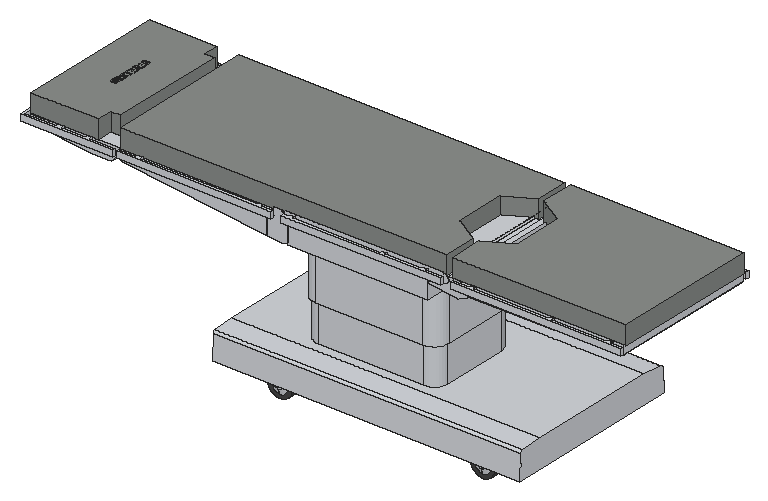
Revit family "R4095SurgicalTable", category Specialty Equipment, Revit 2017 (continued)
Lines and regions (in)
  symbolic lines, style "AMSEQUIP"
    curve 288: line (-28.02813, 9.92935, 0) -> (-28.02813, 9.79898, 0)
    curve 289: line (-28.02813, 9.79898, 0) -> (-27.98226, 8.97335, 0)
    curve 290: line (-27.98226, 8.97335, 0) -> (-30.54849, 8.97335, 0)
    curve 291: line (-31.41758, -10.4508, 0) -> (-31.41758, -10.01626, 0)
    curve 292: line (-35.89339, 10.36389, 0) -> (-35.89339, 9.92935, 0)
    curve 293: line (-35.24158, 10.36389, 0) -> (-35.24158, 9.92935, 0)
    curve 294: line (-32.02594, 10.36389, 0) -> (-32.02594, 9.92935, 0)
    curve 295: line (-31.41758, 10.36389, 0) -> (-31.41758, 9.92935, 0)
    curve 296: line (-30.54849, -10.01626, 0) -> (-30.54849, -7.93044, 0)
    curve 297: line (-30.54849, -7.93044, 0) -> (-29.2014, -7.93044, 0)
    curve 298: line (-29.2014, -7.93044, 0) -> (-29.2014, 7.84353, 0)
    curve 299: line (-30.54849, 8.92989, 0) -> (-27.55013, 8.92989, 0)
    curve 300: line (-27.55013, 7.93044, 0) -> (-30.54849, 7.93044, 0)
    curve 301: line (-29.54904, 8.92989, 0) -> (-29.54904, 8.97335, 0)
    curve 302: line (-28.89722, 8.97335, 0) -> (-28.89722, 8.92989, 0)
    curve 303: line (-40.10848, -10.4508, 0) -> (-40.10848, -7.80008, 0)
    curve 304: line (-40.10848, -7.80008, 0) -> (-40.49957, -7.80008, 0)
    curve 305: line (-40.49957, -7.80008, 0) -> (-40.49957, -10.79844, 0)
    curve 306: line (-40.49957, -10.79844, 0) -> (-28.02813, -10.79844, 0)
    curve 307: line (-28.02813, -10.79844, 0) -> (-28.02813, -10.4508, 0)
    curve 308: line (-28.02813, -10.4508, 0) -> (-40.10848, -10.4508, 0)
    curve 309: line (-28.02813, 10.36389, 0) -> (-40.10848, 10.36389, 0)
    curve 310: line (-40.10848, 10.36389, 0) -> (-40.10848, 7.75662, 0)
    curve 311: line (-40.10848, 7.75662, 0) -> (-40.49957, 7.75662, 0)
    curve 312: line (-40.49957, 7.75662, 0) -> (-40.49957, 10.75498, 0)
    curve 313: line (-40.49957, 10.75498, 0) -> (-28.02813, 10.75498, 0)
    curve 314: line (-28.02813, 10.75498, 0) -> (-28.02813, 10.36389, 0)
    curve 315: line (-27.55013, -9.0168, 0) -> (-30.54849, -9.0168, 0)
    curve 316: line (-30.54849, -8.01735, 0) -> (-27.55013, -8.01735, 0)
    curve 317: line (-30.54849, 9.92935, 0) -> (-30.54849, 7.84353, 0)
    curve 318: line (-30.54849, 7.84353, 0) -> (-29.2014, 7.84353, 0)
    curve 319: line (38.89175, -9.9728, 0) -> (38.89175, -10.40735, 0)
    curve 320: line (38.89175, 9.9728, 0) -> (38.89175, 10.40735, 0)
    curve 321: line (38.23993, -9.9728, 0) -> (38.23993, -10.40735, 0)
    curve 322: line (38.23993, 9.9728, 0) -> (38.23993, 10.40735, 0)
    curve 323: line (30.93958, -9.9728, 0) -> (30.93958, -10.40735, 0)
    curve 324: line (30.33122, -9.9728, 0) -> (30.33122, -10.40735, 0)
    curve 325: line (30.33122, 9.9728, 0) -> (30.33122, 10.40735, 0)
    curve 326: line (19.68487, 10.40735, 0) -> (19.68487, 9.9728, 0)
    curve 327: line (19.68487, -9.9728, 0) -> (19.68487, -10.40735, 0)
    curve 328: line (40.49957, -10.40735, 0) -> (40.49957, -10.75498, 0)
    curve 329: line (40.49957, -10.75498, 0) -> (17.55561, -10.75498, 0)
    curve 330: line (17.55561, -10.75498, 0) -> (17.55561, -10.40735, 0)
    curve 331: line (17.55561, -10.40735, 0) -> (40.49957, -10.40735, 0)
    curve 332: line (16.38234, 8.19117, 0) -> (16.64306, 8.19117, 0)
    curve 333: line (16.64306, 8.19117, 0) -> (16.64306, 7.58281, 0)
    curve 334: line (16.38234, 9.32098, 0) -> (16.64306, 9.32098, 0)
    curve 335: line (16.64306, 9.32098, 0) -> (16.64306, 9.88589, 0)
    curve 336: line (16.55615, -8.19117, 0) -> (16.55615, -8.32153, 0)
    curve 337: line (16.55615, -8.49535, 0) -> (16.55615, -9.32098, 0)
    curve 338: line (16.55615, 8.19117, 0) -> (16.55615, 9.32098, 0)
    curve 339: line (16.46924, -8.19117, 0) -> (16.46924, -8.32153, 0)
    curve 340: line (17.16452, -9.88589, 0) -> (16.38234, -9.88589, 0)
    curve 341: line (13.81852, -9.92935, 0) -> (13.81852, -10.36389, 0)
    curve 342: line (17.16452, -8.49535, 0) -> (16.38234, -8.49535, 0)
    curve 343: line (17.16452, -8.32153, 0) -> (16.38234, -8.32153, 0)
    curve 344: line (17.16452, -7.58281, 0) -> (16.38234, -7.58281, 0)
    curve 345: line (13.21016, 10.36389, 0) -> (13.21016, 9.92935, 0)
    curve 346: line (16.38234, -7.4959, 0) -> (16.68652, -7.4959, 0)
    curve 347: line (16.68652, -7.4959, 0) -> (16.68652, -6.97444, 0)
    curve 348: line (16.68652, -6.97444, 0) -> (16.38234, -6.97444, 0)
    curve 349: line (8.2998, -9.92935, 0) -> (8.2998, -10.36389, 0)
    curve 350: line (7.77835, -10.36389, 0) -> (7.77835, -9.92935, 0)
    curve 351: line (20.33669, -10.40735, 0) -> (20.33669, -9.9728, 0)
    curve 352: line (17.55561, 10.75498, 0) -> (17.55561, 10.40735, 0)
    curve 353: line (17.55561, 10.40735, 0) -> (40.49957, 10.40735, 0)
    curve 354: line (40.49957, 10.40735, 0) -> (40.49957, 10.75498, 0)
    curve 355: line (40.49957, 10.75498, 0) -> (17.55561, 10.75498, 0)
    curve 356: line (13.21016, -9.92935, 0) -> (13.21016, -10.36389, 0)
    curve 357: line (16.38234, 6.97444, 0) -> (16.68652, 6.97444, 0)
    curve 358: line (16.68652, 6.97444, 0) -> (16.68652, 7.4959, 0)
    curve 359: line (16.68652, 7.4959, 0) -> (16.38234, 7.4959, 0)
    curve 360: line (17.16452, 7.58281, 0) -> (16.38234, 7.58281, 0)
    curve 361: line (-4.64963, -10.01626, 0) -> (-4.64963, -10.36389, 0)
    curve 362: line (-4.08472, -10.36389, 0) -> (-4.08472, -10.01626, 0)
    curve 363: line (16.20852, -10.75498, 0) -> (16.20852, -10.36389, 0)
    curve 364: line (16.20852, -10.36389, 0) -> (-5.3449, -10.36389, 0)
    curve 365: line (-5.3449, -10.36389, 0) -> (-5.3449, -10.75498, 0)
    curve 366: line (-5.3449, -10.75498, 0) -> (16.20852, -10.75498, 0)
    curve 367: line (7.77835, 9.92935, 0) -> (7.77835, 10.36389, 0)
    curve 368: line (8.2998, 10.36389, 0) -> (8.2998, 9.92935, 0)
    curve 369: line (13.81852, 9.92935, 0) -> (13.81852, 10.36389, 0)
    curve 370: line (-4.08472, 9.9728, 0) -> (-4.08472, 10.36389, 0)
    curve 371: line (-4.64963, 10.36389, 0) -> (-4.64963, 9.92935, 0)
    curve 372: line (16.20852, 10.36389, 0) -> (-5.3449, 10.36389, 0)
    curve 373: line (-5.3449, 10.36389, 0) -> (-5.3449, 10.75498, 0)
    curve 374: line (-5.3449, 10.75498, 0) -> (16.20852, 10.75498, 0)
    curve 375: line (16.20852, 10.75498, 0) -> (16.20852, 10.36389, 0)
    curve 376: line (30.93958, 9.9728, 0) -> (30.93958, 10.40735, 0)
    curve 377: line (20.33669, 9.9728, 0) -> (20.33669, 10.40735, 0)
    curve 378: line (-8.21289, -10.01626, 0) -> (-8.21289, -10.40735, 0)
    curve 379: line (-8.82126, -10.40735, 0) -> (-8.82126, -10.01626, 0)
    curve 380: line (-8.21289, 10.40735, 0) -> (-8.21289, 9.92935, 0)
    curve 381: line (-8.82126, 9.92935, 0) -> (-8.82126, 10.40735, 0)
    curve 382: line (-13.42743, -10.01626, 0) -> (-13.42743, -10.40735, 0)
    curve 383: line (-13.42743, 9.92935, 0) -> (-13.42743, 10.40735, 0)
    curve 384: line (-24.59523, 10.40735, 0) -> (-24.59523, 9.92935, 0)
    curve 385: line (-24.59523, -10.01626, 0) -> (-24.59523, -10.40735, 0)
    curve 386: line (-25.20359, 9.92935, 0) -> (-25.20359, 10.40735, 0)
    curve 387: line (-25.20359, -10.01626, 0) -> (-25.20359, -10.40735, 0)
    curve 388: line (-6.73544, 10.75498, 0) -> (-27.50668, 10.75498, 0)
    curve 389: line (-27.50668, 10.75498, 0) -> (-27.50668, 10.40735, 0)
    curve 390: line (-27.50668, 10.40735, 0) -> (-6.73544, 10.40735, 0)
    curve 391: line (-6.73544, 10.40735, 0) -> (-6.73544, 10.75498, 0)
    curve 392: line (-6.73544, -10.40735, 0) -> (-27.50668, -10.40735, 0)
    curve 393: line (-27.50668, -10.40735, 0) -> (-27.50668, -10.75498, 0)
    curve 394: line (-27.50668, -10.75498, 0) -> (-6.73544, -10.75498, 0)
    curve 395: line (-6.73544, -10.75498, 0) -> (-6.73544, -10.40735, 0)
    curve 396: line (16.38234, -10.01626, 0) -> (16.38234, -5.51343, 0)
    curve 397: line (16.38234, -5.51343, 0) -> (12.86252, -3.42057, 0)
    curve 398: line (12.86252, -3.42057, 0) -> (12.86252, 3.46579, 0)
    curve 399: line (12.86252, 3.46579, 0) -> (16.38234, 5.51108, 0)
    curve 400: line (16.38234, 5.51108, 0) -> (16.38234, 9.92935, 0)
    curve 401: line (16.38234, 9.92935, 0) -> (-27.55013, 9.92935, 0)
    curve 402: line (-27.55013, 9.92935, 0) -> (-27.55013, -10.01626, 0)
    curve 403: line (-27.55013, -10.01626, 0) -> (16.38234, -10.01626, 0)
    curve 404: line (26.42032, -10.40735, 0) -> (26.59414, -9.9728, 0)
    curve 405: line (17.16452, -9.84244, 0) -> (16.64306, -9.84244, 0)
    curve 406: line (16.64306, -9.88589, 0) -> (16.64306, -9.32098, 0)
    curve 407: line (16.64306, -9.32098, 0) -> (16.38234, -9.32098, 0)
    curve 408: line (17.16452, -7.62626, 0) -> (16.64306, -7.62626, 0)
    curve 409: line (16.64306, -7.58281, 0) -> (16.64306, -8.19117, 0)
    curve 410: line (16.64306, -8.19117, 0) -> (16.38234, -8.19117, 0)
    curve 411: line (17.16452, 9.84244, 0) -> (16.64306, 9.84244, 0)
    curve 412: line (17.16452, 7.66971, 0) -> (16.64306, 7.66971, 0)
    curve 413: line (17.16452, 9.88589, 0) -> (16.38234, 9.88589, 0)
    curve 414: line (17.16452, -9.9728, 0) -> (40.49957, -9.9728, 0)
    curve 415: line (40.49957, -9.9728, 0) -> (40.49957, 9.9728, 0)
    curve 416: line (40.49957, 9.9728, 0) -> (17.16452, 9.9728, 0)
    curve 417: line (17.16452, 9.9728, 0) -> (17.16452, 5.51108, 0)
    curve 418: line (17.16452, 5.51108, 0) -> (20.68433, 3.46579, 0)
    curve 419: line (20.68433, 3.46579, 0) -> (20.68433, -3.42057, 0)
    curve 420: line (20.68433, -3.42057, 0) -> (17.16452, -5.51343, 0)
    curve 421: line (17.16452, -5.51343, 0) -> (17.16452, -9.9728, 0)
    curve 422: line (26.28995, -10.75498, 0) -> (25.73486, -12.18898, 0)
    curve 423: line (25.73486, -12.18898, 0) -> (-13.42743, -12.18898, 0)
    curve 424: line (-13.42743, -12.18898, 0) -> (-13.42743, -10.75498, 0)
    curve 425: line (-13.42743, 10.75498, 0) -> (-13.42743, 12.01516, 0)
    curve 426: line (-13.42743, 12.01516, 0) -> (25.73631, 12.01516, 0)
    curve 427: line (25.73631, 12.01516, 0) -> (26.20419, 10.75498, 0)
    curve 428: line (26.33325, 10.40735, 0) -> (26.49459, 9.9728, 0)
    curve 431: line (-21.67651, -19.25, 21.21108) -> (-21.14457, -19.25, 21.21108)
    curve 432: line (-21.83166, -19.25, 21.16675) -> (-20.98942, -19.25, 21.16675)
    curve 433: circle (16.15853, -19.25, 21.74302) r 0.19862 normal (0, -1, 0)
    curve 434: circle (17.79867, -19.25, 20.41317) r 0.19862 normal (0, -1, 0)
    curve 435: circle (17.79339, -19.25, 20.41317) r 0.22607 normal (0, -1, 0)
    curve 436: line (-28.96852, -19.25, 20.2137) -> (-28.01546, -19.25, 21.49922)
    curve 437: arc (-39.69596, -19.25, 21.27758) -> (-39.5557, -19.25, 21.10354) -> (-39.3635, -19.25, 20.98944) r 0.62987
    curve 438: arc (-27.90464, -19.25, 21.03377) -> (-28.03115, -19.25, 20.99344) -> (-28.12628, -19.25, 20.90078) r 0.28899
    curve 439: arc (-27.41703, -19.25, 22.45227) -> (-27.57223, -19.25, 21.88709) -> (-27.41703, -19.25, 21.3219) r 1.10668
    curve 440: arc (-27.59434, -19.25, 20.98944) -> (-27.47, -19.25, 20.74288) -> (-27.23971, -19.25, 20.59049) r 0.53794
    curve 441: arc (-6.98169, -19.25, 21.3219) -> (-6.84865, -19.25, 21.88709) -> (-6.98169, -19.25, 22.45227) r 1.2671
    curve 442: arc (-6.09512, -19.25, 18.37407) -> (-5.60184, -19.25, 18.39379) -> (-5.14206, -19.25, 18.57355) r 1.49053
    curve 443: arc (-4.05602, -19.25, 19.50444) -> (-3.9452, -19.25, 19.79258) -> (-4.05602, -19.25, 20.08071) r 0.42998
    curve 444: arc (-12.92168, -19.25, 6.20596) -> (-13.16882, -19.25, 6.11421) -> (-13.2763, -19.25, 5.8735) r 0.34034
    curve 445: arc (27.90467, -19.25, 5.8735) -> (27.78008, -19.25, 6.09597) -> (27.55004, -19.25, 6.20596) r 0.42171
    curve 446: arc (20.43143, -19.25, 2.37156) -> (21.92058, -19.25, 0.01288) -> (23.40973, -19.25, 2.37156) r 1.64943
    curve 447: arc (21.12162, -19.25, 2.37156) -> (21.92058, -19.25, 0.59396) -> (22.71953, -19.25, 2.37156) r 1.06835
    curve 448: circle (21.92058, -19.25, 1.66231) r 0.17172 normal (0, -1, 0)
    curve 449: circle (-5.45236, -19.25, 1.66231) r 0.17869 normal (0, -1, 0)
    curve 450: arc (-6.27483, -19.25, 2.37156) -> (-5.45236, -19.25, 0.57627) -> (-4.6299, -19.25, 2.37156) r 1.08604
    curve 451: arc (-6.95577, -19.25, 2.37156) -> (-5.45236, -19.25, 0) -> (-3.94895, -19.25, 2.37156) r 1.66231
    curve 452: arc (-1.30767, -19.25, 4.47716) -> (-1.72867, -19.25, 4.30589) -> (-1.88394, -19.25, 3.87872) r 0.55996
    curve 453: arc (5.31941, -19.25, 3.87872) -> (5.11993, -19.25, 4.27768) -> (4.72098, -19.25, 4.47716) r 0.70526
    curve 454: arc (-5.60751, -19.25, 22.09765) -> (-5.674, -19.25, 22.23063) -> (-5.80699, -19.25, 22.29713) r 0.23509
    curve 455: arc (-10.04034, -19.25, 19.77041) -> (-10.08467, -19.25, 19.70392) -> (-10.04034, -19.25, 19.63743) r 0.07203
    curve 456: arc (-9.24243, -19.25, 19.63743) -> (-9.1981, -19.25, 19.70392) -> (-9.24243, -19.25, 19.77041) r 0.07203
    curve 457: arc (-2.10558, -19.25, 22.76257) -> (-2.19423, -19.25, 22.71824) -> (-2.23856, -19.25, 22.62959) r 0.15672
    curve 458: arc (-5.27505, -19.25, 22.45227) -> (-5.43482, -19.25, 21.88709) -> (-5.27505, -19.25, 21.3219) r 1.07958
    curve 459: arc (-5.43446, -19.25, 21.91465) -> (-5.52266, -19.25, 21.71817) -> (-5.38239, -19.25, 21.55476) r 0.20092
    curve 460: arc (-5.43466, -19.25, 21.86858) -> (-5.48492, -19.25, 21.70512) -> (-5.38587, -19.25, 21.56571) r 0.19338
    curve 461: arc (-5.60751, -19.25, 21.69869) -> (-5.56308, -19.25, 21.54445) -> (-5.47453, -19.25, 21.41056) r 0.53033
    curve 462: arc (17.42103, -19.25, 21.47705) -> (17.46536, -19.25, 21.36623) -> (17.57618, -19.25, 21.3219) r 0.1515
    curve 463: arc (17.57618, -19.25, 22.45227) -> (17.46536, -19.25, 22.40795) -> (17.42103, -19.25, 22.29713) r 0.1515
    curve 464: circle (16.15853, -19.25, 21.74302) r 0.49728 normal (0, -1, 0)
    curve 465: arc (15.93603, -19.25, 21.3219) -> (16.09818, -19.25, 21.88709) -> (15.93603, -19.25, 22.45227) r 1.06612
    curve 466: arc (16.24633, -19.25, 21.18892) -> (16.68651, -19.25, 21.77149) -> (16.15768, -19.25, 22.27496) r 0.54837
    curve 467: arc (16.2685, -19.25, 22.62959) -> (16.22417, -19.25, 22.71824) -> (16.13551, -19.25, 22.76257) r 0.15672
    curve 468: arc (14.07425, -19.25, 20.81213) -> (13.89277, -19.25, 20.69855) -> (13.80828, -19.25, 20.50183) r 0.35882
    curve 469: arc (17.50969, -19.25, 20.03638) -> (17.74735, -19.25, 19.95812) -> (17.9973, -19.25, 19.96989) r 0.68898
    curve 470: arc (28.34795, -19.25, 21.3219) -> (27.83676, -19.25, 21.13679) -> (27.48355, -19.25, 20.72347) r 1.06496
    curve 471: arc (30.76384, -19.25, 20.72347) -> (30.41064, -19.25, 21.13679) -> (29.89944, -19.25, 21.3219) r 1.06496
    curve 472: arc (30.83034, -19.25, 20.72347) -> (31.66167, -19.25, 20.9602) -> (32.44674, -19.25, 21.3219) r 5.60684
    curve 473: circle (40.14013, -19.25, 21.87894) r 0.08956 normal (0, -1, 0)
    curve 474: arc (40.36092, -19.25, 22.29713) -> (40.31659, -19.25, 22.40795) -> (40.20577, -19.25, 22.45227) r 0.1515
    curve 475: arc (40.20577, -19.25, 21.3219) -> (40.31659, -19.25, 21.36623) -> (40.36092, -19.25, 21.47705) r 0.1515
    curve 476: arc (37.43525, -19.25, 20.59049) -> (37.47072, -19.25, 20.37463) -> (37.5904, -19.25, 20.19153) r 0.52956
    curve 477: arc (37.78988, -19.25, 20.19153) -> (37.90956, -19.25, 20.37463) -> (37.94503, -19.25, 20.59049) r 0.52956
    curve 478: arc (37.52391, -19.25, 21.3219) -> (37.46287, -19.25, 21.12614) -> (37.43525, -19.25, 20.92295) r 1.22858
    curve 479: arc (37.94503, -19.25, 20.92295) -> (37.9174, -19.25, 21.12614) -> (37.85637, -19.25, 21.3219) r 1.22858
    curve 480: arc (-4.85393, -19.25, 18.35191) -> (-4.9839, -19.25, 18.28889) -> (-5.03124, -19.25, 18.15243) r 0.18872
    curve 481: arc (-5.03124, -19.25, 16.35714) -> (-4.96778, -19.25, 16.19896) -> (-4.8096, -19.25, 16.13549) r 0.21688
    curve 482: arc (13.25417, -19.25, 16.13549) -> (13.41148, -19.25, 16.19983) -> (13.47581, -19.25, 16.35714) r 0.21969
    curve 483: arc (13.47581, -19.25, 18.15243) -> (13.41497, -19.25, 18.29106) -> (13.27634, -19.25, 18.35191) r 0.20837
    curve 484: line (-40.36088, -19.25, 21.27758) -> (-40.51603, -19.25, 21.27758)
    curve 485: line (-40.51603, -19.25, 21.27758) -> (-40.51603, -19.25, 22.40795)
    curve 486: line (-40.51603, -19.25, 22.40795) -> (-40.36088, -19.25, 22.40795)
    curve 487: line (-40.36088, -19.25, 22.40795) -> (-40.36088, -19.25, 21.27758)
    curve 488: line (-39.6073, -19.25, 22.65175) -> (-39.69596, -19.25, 22.5631)
    curve 489: line (-39.69596, -19.25, 22.5631) -> (-39.69596, -19.25, 21.27758)
    curve 490: line (12.19029, -19.25, 11.21506) -> (12.19029, -19.25, 6.20596)
    curve 491: line (9.55276, -19.25, 11.21506) -> (9.55276, -19.25, 6.20596)
    curve 492: line (-0.28812, -19.25, 11.21506) -> (-0.28812, -19.25, 6.20596)
    curve 493: line (-3.41326, -19.25, 6.20596) -> (-3.41326, -19.25, 11.21506)
    curve 494: line (13.12119, -19.25, 11.21506) -> (13.12119, -19.25, 6.20596)
    curve 495: line (-4.87609, -19.25, 11.21506) -> (-4.87609, -19.25, 6.20596)
    curve 496: line (12.38977, -19.25, 16.13549) -> (12.38977, -19.25, 11.21506)
    curve 497: line (9.66358, -19.25, 16.13549) -> (9.66358, -19.25, 11.21506)
    curve 498: line (-0.44327, -19.25, 16.13549) -> (-0.44327, -19.25, 11.21506)
    curve 499: line (-3.56841, -19.25, 16.13549) -> (-3.56841, -19.25, 11.21506)
    curve 500: line (0.28815, -19.25, 4.47716) -> (0.77576, -19.25, 4.21119)
    curve 501: line (0.77576, -19.25, 4.21119) -> (2.63755, -19.25, 4.21119)
    curve 502: line (2.63755, -19.25, 4.21119) -> (3.12516, -19.25, 4.47716)
    curve 503: line (-40.36088, -19.25, 21.58787) -> (-39.71812, -19.25, 21.58787)
    curve 504: line (-40.36088, -19.25, 22.09765) -> (-39.71812, -19.25, 22.09765)
    curve 505: line (-39.47432, -19.25, 22.38578) -> (-39.47432, -19.25, 21.27758)
    curve 506: line (-39.47432, -19.25, 21.27758) -> (-28.05979, -19.25, 21.27758)
    curve 507: line (-28.05979, -19.25, 21.27758) -> (-28.05979, -19.25, 22.40795)
    curve 508: line (-28.05979, -19.25, 22.40795) -> (-39.47432, -19.25, 22.40795)
    curve 509: line (-28.50307, -19.25, 22.40795) -> (-28.7912, -19.25, 22.5631)
    curve 510: line (-28.01546, -19.25, 21.49922) -> (-28.08195, -19.25, 21.78735)
    curve 511: line (-39.3635, -19.25, 20.98944) -> (-31.60605, -19.25, 20.16937)
    curve 512: line (-31.60605, -19.25, 20.16937) -> (-29.25665, -19.25, 20.16937)
    curve 513: line (-29.25665, -19.25, 20.16937) -> (-28.96852, -19.25, 20.2137)
    curve 514: line (-27.86031, -19.25, 22.65175) -> (-27.74949, -19.25, 22.5631)
    curve 515: line (-27.74949, -19.25, 22.5631) -> (-39.69596, -19.25, 22.5631)
    curve 516: line (-27.74949, -19.25, 21.03377) -> (-27.90464, -19.25, 21.03377)
    curve 517: line (-27.74949, -19.25, 22.05332) -> (-27.59434, -19.25, 22.05332)
    curve 518: line (-27.74949, -19.25, 22.5631) -> (-27.74949, -19.25, 20.87862)
    curve 519: line (-27.74949, -19.25, 20.87862) -> (-27.55809, -19.25, 20.87862)
    curve 520: line (23.75998, -19.25, 0.77574) -> (23.75998, -19.25, 0.88657)
    curve 521: line (23.27236, -19.25, 0.66492) -> (26.08721, -19.25, 0.66492)
    curve 522: line (26.08721, -19.25, 0.66492) -> (26.08721, -19.25, 2.39373)
    curve 523: line (20.60687, -19.25, 0.66492) -> (-4.12251, -19.25, 0.66492)
    curve 524: line (-12.25675, -19.25, 0.77574) -> (-10.77176, -19.25, 0.77574)
    curve 525: line (-10.77176, -19.25, 0.77574) -> (-10.77176, -19.25, 0.88657)
    curve 526: line (25.24497, -19.25, 0.88657) -> (25.24497, -19.25, 0.77574)
    curve 527: line (25.24497, -19.25, 0.77574) -> (25.20064, -19.25, 0.73142)
    curve 528: line (25.20064, -19.25, 0.73142) -> (23.8043, -19.25, 0.73142)
    curve 529: line (23.8043, -19.25, 0.73142) -> (23.75998, -19.25, 0.77574)
    curve 530: line (23.75998, -19.25, 0.77574) -> (25.24497, -19.25, 0.77574)
    curve 531: line (-12.50056, -19.25, 0.97522) -> (-12.43407, -19.25, 0.88657)
    curve 532: line (-12.43407, -19.25, 0.88657) -> (-10.59444, -19.25, 0.88657)
    curve 533: line (-10.59444, -19.25, 0.88657) -> (-10.50579, -19.25, 0.97522)
    curve 534: line (23.3762, -19.25, 0.88657) -> (25.42229, -19.25, 0.88657)
    curve 535: line (25.42229, -19.25, 0.88657) -> (25.51094, -19.25, 0.97522)
    curve 536: line (23.42009, -19.25, 0.97522) -> (25.51094, -19.25, 0.97522)
    curve 537: line (25.51094, -19.25, 0.97522) -> (25.51094, -19.25, 2.37156)
    curve 538: line (4.72098, -19.25, 4.47716) -> (-1.30767, -19.25, 4.47716)
    curve 539: line (5.31941, -19.25, 2.32723) -> (5.31941, -19.25, 3.87872)
    curve 540: line (13.47581, -19.25, 17.99728) -> (-5.03124, -19.25, 17.99728)
    curve 541: line (13.47581, -19.25, 18.06377) -> (-5.03124, -19.25, 18.06377)
    curve 542: line (-2.23856, -19.25, 22.62959) -> (-2.23856, -19.25, 22.45227)
    curve 543: line (17.74735, -19.25, 19.95812) -> (13.80828, -19.25, 20.39101)
    curve 544: line (15.93603, -19.25, 21.3219) -> (6.84874, -19.25, 21.3219)
    curve 545: line (6.84874, -19.25, 21.3219) -> (6.84874, -19.25, 21.56571)
    curve 546: line (6.84874, -19.25, 21.56571) -> (6.11732, -19.25, 21.56571)
    curve 547: line (6.11732, -19.25, 21.56571) -> (6.11732, -19.25, 21.3219)
    curve 548: line (6.11732, -19.25, 21.3219) -> (4.54367, -19.25, 21.3219)
    curve 549: line (4.54367, -19.25, 21.3219) -> (4.54367, -19.25, 21.56571)
    curve 550: line (4.54367, -19.25, 21.56571) -> (3.81225, -19.25, 21.56571)
    curve 551: line (3.81225, -19.25, 21.56571) -> (3.81225, -19.25, 21.3219)
    curve 552: line (3.81225, -19.25, 21.3219) -> (-5.27505, -19.25, 21.3219)
    curve 553: line (-4.92042, -19.25, 16.16311) -> (-4.92042, -19.25, 11.21506)
    curve 554: line (-4.92042, -19.25, 11.21506) -> (13.18768, -19.25, 11.21506)
    curve 555: line (13.18768, -19.25, 11.21506) -> (13.18768, -19.25, 16.13549)
    curve 556: line (-5.00908, -19.25, 18.26325) -> (-5.00908, -19.25, 21.3219)
    curve 557: line (-5.03124, -19.25, 17.59833) -> (-5.09774, -19.25, 17.59833)
    curve 558: line (-5.09774, -19.25, 17.59833) -> (-5.09774, -19.25, 17.48751)
    curve 559: line (-5.09774, -19.25, 17.48751) -> (-5.03124, -19.25, 17.48751)
    curve 560: line (16.15768, -19.25, 22.27496) -> (16.02511, -19.25, 22.27496)
    curve 561: line (16.01617, -19.25, 22.29713) -> (16.22417, -19.25, 22.29713)
    curve 562: line (16.22417, -19.25, 22.29713) -> (16.2685, -19.25, 22.31929)
    curve 563: line (16.2685, -19.25, 22.31929) -> (16.2685, -19.25, 22.62959)
    curve 564: line (-5.27505, -19.25, 22.45227) -> (15.93603, -19.25, 22.45227)
    curve 565: line (-12.50056, -19.25, 2.37156) -> (-12.50056, -19.25, 0.97522)
    curve 566: line (-12.50056, -19.25, 0.97522) -> (-10.50579, -19.25, 0.97522)
    curve 567: line (-10.50579, -19.25, 0.97522) -> (-10.50579, -19.25, 2.37156)
    curve 568: line (-13.2763, -19.25, 5.8735) -> (-13.45362, -19.25, 2.39373)
    curve 569: line (-12.92168, -19.25, 2.37156) -> (-12.92168, -19.25, 0.66492)
    curve 570: line (-13.09899, -19.25, 2.37156) -> (-13.09899, -19.25, 0.66492)
    curve 571: line (-13.09899, -19.25, 0.66492) -> (-6.78221, -19.25, 0.66492)
    curve 572: line (-10.77176, -19.25, 0.77574) -> (-10.79392, -19.25, 0.73142)
    curve 573: line (-10.79392, -19.25, 0.73142) -> (-12.21243, -19.25, 0.73142)
    curve 574: line (-12.21243, -19.25, 0.73142) -> (-12.25675, -19.25, 0.77574)
    curve 575: line (-12.25675, -19.25, 0.77574) -> (-12.25675, -19.25, 0.88657)
    curve 576: line (17.51671, -19.25, 20.03259) -> (16.66745, -19.25, 21.96466)
    curve 577: line (16.66745, -19.25, 21.96466) -> (16.5123, -19.25, 22.16414)
    curve 578: line (16.5123, -19.25, 22.16414) -> (17.42103, -19.25, 22.16414)
    curve 579: line (16.24633, -19.25, 21.18892) -> (14.07425, -19.25, 20.81213)
    curve 580: line (-1.88394, -19.25, 3.87872) -> (-1.88394, -19.25, 2.37156)
    curve 581: line (-5.03124, -19.25, 18.15243) -> (-5.03124, -19.25, 16.35714)
    curve 582: line (-4.8096, -19.25, 16.13549) -> (13.25417, -19.25, 16.13549)
    curve 583: line (13.47581, -19.25, 16.35714) -> (13.47581, -19.25, 18.15243)
    curve 584: line (-2.30505, -19.25, 22.45227) -> (-2.30505, -19.25, 22.60742)
    curve 585: line (-2.30505, -19.25, 22.60742) -> (-2.61535, -19.25, 22.78474)
    curve 586: line (-2.61535, -19.25, 22.78474) -> (-5.1199, -19.25, 22.71824)
    curve 587: line (-5.1199, -19.25, 22.71824) -> (-5.40803, -19.25, 22.54093)
    curve 588: line (-5.40803, -19.25, 22.54093) -> (-5.4302, -19.25, 22.4966)
    curve 589: line (-5.4302, -19.25, 22.4966) -> (-5.4302, -19.25, 22.36362)
    curve 590: line (-5.4302, -19.25, 22.36362) -> (-5.38587, -19.25, 22.31929)
    curve 591: line (-5.38587, -19.25, 22.31929) -> (-5.34453, -19.25, 22.31929)
    curve 592: line (-13.45362, -19.25, 2.37156) -> (28.03765, -19.25, 2.37156)
    curve 593: line (28.03765, -19.25, 2.37156) -> (27.90467, -19.25, 5.8735)
    curve 594: line (27.55004, -19.25, 6.20596) -> (-12.92168, -19.25, 6.20596)
    curve 595: line (25.15632, -19.25, 6.20596) -> (25.31147, -19.25, 2.39373)
    curve 596: line (13.80828, -19.25, 20.50183) -> (13.80828, -19.25, 18.35191)
    curve 597: line (13.80828, -19.25, 18.35191) -> (-4.85393, -19.25, 18.35191)
    curve 598: line (13.80828, -19.25, 20.32452) -> (14.27372, -19.25, 20.32452)
    curve 599: line (17.42103, -19.25, 22.23063) -> (16.35662, -19.25, 22.23063)
    curve 600: line (19.4823, -19.25, 21.3219) -> (19.4823, -19.25, 21.23325)
    curve 601: line (19.4823, -19.25, 21.23325) -> (19.32053, -19.25, 20.56306)
    curve 602: line (19.32053, -19.25, 20.56306) -> (17.9973, -19.25, 19.96989)
    curve 603: line (40.36092, -19.25, 22.29713) -> (40.36092, -19.25, 21.03377)
    curve 604: line (40.36092, -19.25, 21.03377) -> (40.29442, -19.25, 20.96728)
    curve 605: line (40.29442, -19.25, 20.96728) -> (37.94193, -19.25, 20.96728)
    curve 606: line (27.64571, -19.25, 20.96728) -> (30.60168, -19.25, 20.96728)
    curve 607: line (27.55426, -19.25, 20.84803) -> (27.59437, -19.25, 20.7678)
    curve 608: line (27.59437, -19.25, 20.7678) -> (30.65302, -19.25, 20.7678)
    curve 609: line (27.59437, -19.25, 20.74564) -> (30.65302, -19.25, 20.74564)
    curve 610: line (30.65302, -19.25, 20.7678) -> (30.67519, -19.25, 20.81213)
    curve 611: line (30.67519, -19.25, 20.81213) -> (30.67519, -19.25, 20.87434)
    curve 612: line (30.67519, -19.25, 20.87434) -> (30.71952, -19.25, 20.83429)
    curve 613: line (30.71583, -19.25, 20.81213) -> (30.76384, -19.25, 20.81213)
    curve 614: line (30.76384, -19.25, 20.81213) -> (30.78601, -19.25, 20.74564)
    curve 615: line (30.78601, -19.25, 20.74564) -> (30.83034, -19.25, 20.72347)
    curve 616: line (30.83034, -19.25, 20.72347) -> (30.76384, -19.25, 20.72347)
    curve 617: line (17.42103, -19.25, 21.47705) -> (17.42103, -19.25, 22.29713)
    curve 618: line (17.50969, -19.25, 20.03638) -> (15.78088, -19.25, 21.41056)
    curve 619: line (19.4288, -19.25, 21.01161) -> (19.54879, -19.25, 21.01161)
    curve 620: line (19.54879, -19.25, 21.01161) -> (19.54879, -19.25, 21.25541)
    curve 621: line (19.54879, -19.25, 21.25541) -> (19.4823, -19.25, 21.25541)
    curve 622: line (19.61528, -19.25, 21.3219) -> (19.61528, -19.25, 20.81213)
    curve 623: line (19.61528, -19.25, 20.81213) -> (19.70394, -19.25, 20.72347)
    curve 624: line (19.70394, -19.25, 20.72347) -> (27.41706, -19.25, 20.72347)
    curve 625: line (27.41706, -19.25, 20.72347) -> (27.41706, -19.25, 21.58787)
    curve 626: line (27.41706, -19.25, 21.58787) -> (26.70781, -19.25, 21.58787)
    curve 627: line (26.70781, -19.25, 21.58787) -> (26.70781, -19.25, 21.3219)
    curve 628: line (26.70781, -19.25, 21.3219) -> (17.57618, -19.25, 21.3219)
    curve 629: line (40.20577, -19.25, 21.3219) -> (29.76646, -19.25, 21.3219)
    curve 630: line (29.76646, -19.25, 21.3219) -> (29.76646, -19.25, 21.58787)
    curve 631: line (29.76646, -19.25, 21.58787) -> (29.03504, -19.25, 21.58787)
    curve 632: line (29.03504, -19.25, 21.58787) -> (29.03504, -19.25, 21.3219)
    curve 633: line (29.03504, -19.25, 21.3219) -> (27.46139, -19.25, 21.3219)
    curve 634: line (27.46139, -19.25, 21.3219) -> (27.46139, -19.25, 20.72347)
    curve 635: line (27.46139, -19.25, 20.72347) -> (27.50572, -19.25, 20.72347)
    curve 636: line (40.35796, -19.25, 22.33082) -> (40.44957, -19.25, 22.38578)
    curve 637: line (40.44957, -19.25, 22.38578) -> (40.51607, -19.25, 22.31929)
    curve 638: line (40.51607, -19.25, 22.31929) -> (40.36092, -19.25, 21.89817)
    curve 639: line (37.41309, -19.25, 21.3219) -> (37.41309, -19.25, 21.03377)
    curve 640: line (37.41309, -19.25, 21.03377) -> (37.44221, -19.25, 21.00465)
    curve 641: line (37.43525, -19.25, 20.92295) -> (37.43525, -19.25, 20.59049)
    curve 642: line (37.5904, -19.25, 20.19153) -> (37.78988, -19.25, 20.19153)
    curve 643: line (37.94503, -19.25, 20.92295) -> (37.94503, -19.25, 20.59049)
    curve 644: line (40.36092, -19.25, 22.38578) -> (40.36092, -19.25, 22.69608)
    curve 645: line (40.36092, -19.25, 22.69608) -> (40.31659, -19.25, 22.74041)
    curve 646: line (17.06641, -19.25, 22.74041) -> (17.04424, -19.25, 22.69608)
    curve 647: line (17.04424, -19.25, 22.69608) -> (17.04424, -19.25, 22.38578)
    curve 648: line (17.04424, -19.25, 22.38578) -> (17.06641, -19.25, 22.34145)
    curve 649: line (17.06641, -19.25, 22.34145) -> (17.42654, -19.25, 22.34145)
    curve 650: line (17.57618, -19.25, 22.45227) -> (40.20577, -19.25, 22.45227)
    curve 651: line (-20.98942, -19.25, 21.16675) -> (-21.05592, -19.25, 21.3219)
    curve 652: line (-21.76517, -19.25, 21.3219) -> (-21.83166, -19.25, 21.16675)
    curve 653: line (-21.14457, -19.25, 21.21108) -> (-21.21107, -19.25, 21.3219)
    curve 654: line (-21.61002, -19.25, 21.3219) -> (-21.67651, -19.25, 21.21108)
    curve 655: line (-5.14206, -19.25, 18.57355) -> (-4.87609, -19.25, 18.77303)
    curve 656: line (-4.87609, -19.25, 18.77303) -> (-4.05602, -19.25, 19.50444)
    curve 657: line (-6.98169, -19.25, 22.45227) -> (-27.41703, -19.25, 22.45227)
    curve 658: line (-6.67139, -19.25, 22.29713) -> (-6.67139, -19.25, 22.62959)
    curve 659: line (-6.91683, -19.25, 22.29713) -> (-5.80699, -19.25, 22.29713)
    curve 660: line (-5.60751, -19.25, 21.69869) -> (-5.60751, -19.25, 22.09765)
    curve 661: line (-27.41703, -19.25, 21.3219) -> (-18.70652, -19.25, 21.3219)
    curve 662: line (-18.70652, -19.25, 21.3219) -> (-18.70652, -19.25, 21.56571)
    curve 663: line (-18.70652, -19.25, 21.56571) -> (-17.9751, -19.25, 21.56571)
    curve 664: line (-17.9751, -19.25, 21.56571) -> (-17.9751, -19.25, 21.3219)
    curve 665: line (-17.9751, -19.25, 21.3219) -> (-16.42361, -19.25, 21.3219)
    curve 666: line (-16.42361, -19.25, 21.3219) -> (-16.42361, -19.25, 21.56571)
    curve 667: line (-16.42361, -19.25, 21.56571) -> (-15.67003, -19.25, 21.56571)
    curve 668: line (-15.67003, -19.25, 21.56571) -> (-15.67003, -19.25, 21.3219)
    curve 669: line (-15.67003, -19.25, 21.3219) -> (-6.98169, -19.25, 21.3219)
    curve 670: line (-10.04034, -19.25, 19.77041) -> (-9.24243, -19.25, 19.77041)
    curve 671: line (-9.24243, -19.25, 19.63743) -> (-10.04034, -19.25, 19.63743)
    curve 672: line (-7.91258, -19.25, 18.7287) -> (-7.86825, -19.25, 18.7287)
    curve 673: line (-7.86825, -19.25, 21.3219) -> (-7.86825, -19.25, 18.55139)
    curve 674: line (-7.86825, -19.25, 18.55139) -> (-7.69094, -19.25, 18.55139)
    curve 675: line (-7.69094, -19.25, 18.55139) -> (-6.09512, -19.25, 18.37407)
    curve 676: line (-4.05602, -19.25, 20.08071) -> (-5.47453, -19.25, 21.41056)
    curve 677: line (-27.17322, -19.25, 21.87601) -> (-27.19538, -19.25, 21.92034)
    curve 678: line (-27.19538, -19.25, 21.92034) -> (-27.26188, -19.25, 21.89817)
    curve 679: line (-27.26188, -19.25, 21.89817) -> (-27.26188, -19.25, 21.85384)
    curve 680: line (-27.26188, -19.25, 21.85384) -> (-27.19538, -19.25, 21.83168)
    curve 681: line (-27.19538, -19.25, 21.83168) -> (-27.17322, -19.25, 21.87601)
    curve 682: line (-27.49347, -19.25, 22.29713) -> (-27.63867, -19.25, 22.29713)
    curve 683: line (-27.63867, -19.25, 22.29713) -> (-27.63867, -19.25, 22.62959)
    curve 684: line (-27.63867, -19.25, 22.62959) -> (-27.59434, -19.25, 22.67392)
    curve 685: line (-27.59434, -19.25, 22.29713) -> (-27.59434, -19.25, 20.98944)
    curve 686: line (-7.91258, -19.25, 21.3219) -> (-7.91258, -19.25, 18.64004)
    curve 687: line (-7.91258, -19.25, 18.64004) -> (-7.93475, -19.25, 18.57355)
    curve 688: line (-7.93475, -19.25, 18.57355) -> (-27.23971, -19.25, 20.59049)
    curve 689: line (-27.74949, -19.25, 22.65175) -> (-39.69596, -19.25, 22.65175)
    curve 690: line (-39.69596, -19.25, 22.65175) -> (-39.69596, -19.25, 24.65175)
    curve 691: line (-39.69596, -19.25, 24.65175) -> (-27.74949, -19.25, 24.65175)
    curve 692: line (-27.74949, -19.25, 24.65175) -> (-27.74949, -19.25, 22.65175)
    curve 693: line (-27.63867, -19.25, 22.62959) -> (-6.67139, -19.25, 22.62959)
    curve 694: line (-6.67139, -19.25, 22.62959) -> (-6.71572, -19.25, 22.67392)
    curve 695: line (-6.71572, -19.25, 22.67392) -> (-27.63867, -19.25, 22.67392)
    curve 696: line (-27.63867, -19.25, 22.67392) -> (-27.63867, -19.25, 24.65175)
    curve 697: line (-27.63867, -19.25, 24.65175) -> (16.2685, -19.25, 24.65175)
    curve 698: line (16.2685, -19.25, 24.65175) -> (16.2685, -19.25, 22.76257)
    curve 699: line (16.2685, -19.25, 22.76257) -> (-2.10558, -19.25, 22.76257)
    curve 700: line (17.04424, -19.25, 22.74041) -> (40.36092, -19.25, 22.74041)
    curve 701: line (40.36092, -19.25, 22.74041) -> (40.36092, -19.25, 24.60463)
    curve 702: line (40.36092, -19.25, 24.60463) -> (17.04424, -19.25, 24.65023)
    curve 703: line (17.04424, -19.25, 24.65023) -> (17.04424, -19.25, 22.74041)
    curve 706: line (-121.67651, -19.25, 21.21108) -> (-121.14457, -19.25, 21.21108)
    curve 707: line (-121.83166, -19.25, 21.16675) -> (-120.98942, -19.25, 21.16675)
    curve 708: circle (-83.84147, -19.25, 21.74302) r 0.19862 normal (0, -1, 0)
    curve 709: circle (-82.20133, -19.25, 20.41317) r 0.19862 normal (0, -1, 0)
    curve 710: circle (-82.20661, -19.25, 20.41317) r 0.22607 normal (0, -1, 0)
    curve 711: line (-128.96852, -19.25, 20.2137) -> (-128.01546, -19.25, 21.49922)
    curve 712: arc (-139.69596, -19.25, 21.27758) -> (-139.5557, -19.25, 21.10354) -> (-139.3635, -19.25, 20.98944) r 0.62987
    curve 713: arc (-127.90464, -19.25, 21.03377) -> (-128.03115, -19.25, 20.99344) -> (-128.12628, -19.25, 20.90078) r 0.28899
    curve 714: arc (-127.41703, -19.25, 22.45227) -> (-127.57223, -19.25, 21.88709) -> (-127.41703, -19.25, 21.3219) r 1.10668
    curve 715: arc (-127.59434, -19.25, 20.98944) -> (-127.47, -19.25, 20.74288) -> (-127.23971, -19.25, 20.59049) r 0.53794
    curve 716: arc (-106.98169, -19.25, 21.3219) -> (-106.84865, -19.25, 21.88709) -> (-106.98169, -19.25, 22.45227) r 1.2671
    curve 717: arc (-106.09512, -19.25, 18.37407) -> (-105.60184, -19.25, 18.39379) -> (-105.14206, -19.25, 18.57355) r 1.49053
    curve 718: arc (-104.05602, -19.25, 19.50444) -> (-103.9452, -19.25, 19.79258) -> (-104.05602, -19.25, 20.08071) r 0.42998
    curve 719: arc (-112.92168, -19.25, 6.20596) -> (-113.16882, -19.25, 6.11421) -> (-113.2763, -19.25, 5.8735) r 0.34034
    curve 720: arc (-72.09533, -19.25, 5.8735) -> (-72.21992, -19.25, 6.09597) -> (-72.44996, -19.25, 6.20596) r 0.42171
    curve 721: arc (-79.56857, -19.25, 2.37156) -> (-78.07942, -19.25, 0.01288) -> (-76.59027, -19.25, 2.37156) r 1.64943
    curve 722: arc (-78.87838, -19.25, 2.37156) -> (-78.07942, -19.25, 0.59396) -> (-77.28047, -19.25, 2.37156) r 1.06835
    curve 723: circle (-78.07942, -19.25, 1.66231) r 0.17172 normal (0, -1, 0)
    curve 724: circle (-105.45236, -19.25, 1.66231) r 0.17869 normal (0, -1, 0)
    curve 725: arc (-106.27483, -19.25, 2.37156) -> (-105.45236, -19.25, 0.57627) -> (-104.6299, -19.25, 2.37156) r 1.08604
    curve 726: arc (-106.95577, -19.25, 2.37156) -> (-105.45236, -19.25, 0) -> (-103.94895, -19.25, 2.37156) r 1.66231
    curve 727: arc (-101.30767, -19.25, 4.47716) -> (-101.72867, -19.25, 4.30589) -> (-101.88394, -19.25, 3.87872) r 0.55996
    curve 728: arc (-94.68059, -19.25, 3.87872) -> (-94.88007, -19.25, 4.27768) -> (-95.27902, -19.25, 4.47716) r 0.70526
    curve 729: arc (-105.60751, -19.25, 22.09765) -> (-105.674, -19.25, 22.23063) -> (-105.80699, -19.25, 22.29713) r 0.23509
    curve 730: arc (-110.04034, -19.25, 19.77041) -> (-110.08467, -19.25, 19.70392) -> (-110.04034, -19.25, 19.63743) r 0.07203
    curve 731: arc (-109.24243, -19.25, 19.63743) -> (-109.1981, -19.25, 19.70392) -> (-109.24243, -19.25, 19.77041) r 0.07203
    curve 732: arc (-102.10558, -19.25, 22.76257) -> (-102.19423, -19.25, 22.71824) -> (-102.23856, -19.25, 22.62959) r 0.15672
    curve 733: arc (-105.27505, -19.25, 22.45227) -> (-105.43482, -19.25, 21.88709) -> (-105.27505, -19.25, 21.3219) r 1.07958
    curve 734: arc (-105.43446, -19.25, 21.91465) -> (-105.52266, -19.25, 21.71817) -> (-105.38239, -19.25, 21.55476) r 0.20092
    curve 735: arc (-105.43466, -19.25, 21.86858) -> (-105.48492, -19.25, 21.70512) -> (-105.38587, -19.25, 21.56571) r 0.19338
    curve 736: arc (-105.60751, -19.25, 21.69869) -> (-105.56308, -19.25, 21.54445) -> (-105.47453, -19.25, 21.41056) r 0.53033
    curve 737: arc (-82.57897, -19.25, 21.47705) -> (-82.53464, -19.25, 21.36623) -> (-82.42382, -19.25, 21.3219) r 0.1515
    curve 738: arc (-82.42382, -19.25, 22.45227) -> (-82.53464, -19.25, 22.40795) -> (-82.57897, -19.25, 22.29713) r 0.1515
    curve 739: circle (-83.84147, -19.25, 21.74302) r 0.49728 normal (0, -1, 0)
    curve 740: arc (-84.06397, -19.25, 21.3219) -> (-83.90182, -19.25, 21.88709) -> (-84.06397, -19.25, 22.45227) r 1.06612
    curve 741: arc (-83.75367, -19.25, 21.18892) -> (-83.31349, -19.25, 21.77149) -> (-83.84232, -19.25, 22.27496) r 0.54837
    curve 742: arc (-83.7315, -19.25, 22.62959) -> (-83.77583, -19.25, 22.71824) -> (-83.86449, -19.25, 22.76257) r 0.15672
    curve 743: arc (-85.92575, -19.25, 20.81213) -> (-86.10723, -19.25, 20.69855) -> (-86.19172, -19.25, 20.50183) r 0.35882
    curve 744: arc (-82.49031, -19.25, 20.03638) -> (-82.25265, -19.25, 19.95812) -> (-82.0027, -19.25, 19.96989) r 0.68898
    curve 745: arc (-71.65205, -19.25, 21.3219) -> (-72.16324, -19.25, 21.13679) -> (-72.51645, -19.25, 20.72347) r 1.06496
    curve 746: arc (-69.23616, -19.25, 20.72347) -> (-69.58936, -19.25, 21.13679) -> (-70.10056, -19.25, 21.3219) r 1.06496
    curve 747: arc (-69.16966, -19.25, 20.72347) -> (-68.33833, -19.25, 20.9602) -> (-67.55326, -19.25, 21.3219) r 5.60684
    curve 748: circle (-59.85987, -19.25, 21.87894) r 0.08956 normal (0, -1, 0)
    curve 749: arc (-59.63908, -19.25, 22.29713) -> (-59.68341, -19.25, 22.40795) -> (-59.79423, -19.25, 22.45227) r 0.1515
    curve 750: arc (-59.79423, -19.25, 21.3219) -> (-59.68341, -19.25, 21.36623) -> (-59.63908, -19.25, 21.47705) r 0.1515
    curve 751: arc (-62.56475, -19.25, 20.59049) -> (-62.52928, -19.25, 20.37463) -> (-62.4096, -19.25, 20.19153) r 0.52956
    curve 752: arc (-62.21012, -19.25, 20.19153) -> (-62.09044, -19.25, 20.37463) -> (-62.05497, -19.25, 20.59049) r 0.52956
    curve 753: arc (-62.47609, -19.25, 21.3219) -> (-62.53713, -19.25, 21.12614) -> (-62.56475, -19.25, 20.92295) r 1.22858
    curve 754: arc (-62.05497, -19.25, 20.92295) -> (-62.0826, -19.25, 21.12614) -> (-62.14363, -19.25, 21.3219) r 1.22858
    curve 755: arc (-104.85393, -19.25, 18.35191) -> (-104.9839, -19.25, 18.28889) -> (-105.03124, -19.25, 18.15243) r 0.18872
    curve 756: arc (-105.03124, -19.25, 16.35714) -> (-104.96778, -19.25, 16.19896) -> (-104.8096, -19.25, 16.13549) r 0.21688
    curve 757: arc (-86.74583, -19.25, 16.13549) -> (-86.58852, -19.25, 16.19983) -> (-86.52419, -19.25, 16.35714) r 0.21969
    curve 758: arc (-86.52419, -19.25, 18.15243) -> (-86.58503, -19.25, 18.29106) -> (-86.72366, -19.25, 18.35191) r 0.20837
    curve 759: line (-140.36088, -19.25, 21.27758) -> (-140.51603, -19.25, 21.27758)
    curve 760: line (-140.51603, -19.25, 21.27758) -> (-140.51603, -19.25, 22.40795)
    curve 761: line (-140.51603, -19.25, 22.40795) -> (-140.36088, -19.25, 22.40795)
    curve 762: line (-140.36088, -19.25, 22.40795) -> (-140.36088, -19.25, 21.27758)
    curve 763: line (-139.6073, -19.25, 22.65175) -> (-139.69596, -19.25, 22.5631)
    curve 764: line (-139.69596, -19.25, 22.5631) -> (-139.69596, -19.25, 21.27758)
    curve 765: line (-87.80971, -19.25, 11.21506) -> (-87.80971, -19.25, 6.20596)
    curve 766: line (-90.44724, -19.25, 11.21506) -> (-90.44724, -19.25, 6.20596)
    curve 767: line (-100.28812, -19.25, 11.21506) -> (-100.28812, -19.25, 6.20596)
    curve 768: line (-103.41326, -19.25, 6.20596) -> (-103.41326, -19.25, 11.21506)
    curve 769: line (-86.87881, -19.25, 11.21506) -> (-86.87881, -19.25, 6.20596)
    curve 770: line (-104.87609, -19.25, 11.21506) -> (-104.87609, -19.25, 6.20596)
    curve 771: line (-87.61023, -19.25, 16.13549) -> (-87.61023, -19.25, 11.21506)
    curve 772: line (-90.33642, -19.25, 16.13549) -> (-90.33642, -19.25, 11.21506)
    curve 773: line (-100.44327, -19.25, 16.13549) -> (-100.44327, -19.25, 11.21506)
    curve 774: line (-103.56841, -19.25, 16.13549) -> (-103.56841, -19.25, 11.21506)
    curve 775: line (-99.71185, -19.25, 4.47716) -> (-99.22424, -19.25, 4.21119)
    curve 776: line (-99.22424, -19.25, 4.21119) -> (-97.36245, -19.25, 4.21119)
    curve 777: line (-97.36245, -19.25, 4.21119) -> (-96.87484, -19.25, 4.47716)
    curve 778: line (-140.36088, -19.25, 21.58787) -> (-139.71812, -19.25, 21.58787)
    curve 779: line (-140.36088, -19.25, 22.09765) -> (-139.71812, -19.25, 22.09765)
    curve 780: line (-139.47432, -19.25, 22.38578) -> (-139.47432, -19.25, 21.27758)
    curve 781: line (-139.47432, -19.25, 21.27758) -> (-128.05979, -19.25, 21.27758)
    curve 782: line (-128.05979, -19.25, 21.27758) -> (-128.05979, -19.25, 22.40795)
    curve 783: line (-128.05979, -19.25, 22.40795) -> (-139.47432, -19.25, 22.40795)
    curve 784: line (-128.50307, -19.25, 22.40795) -> (-128.7912, -19.25, 22.5631)
    curve 785: line (-128.01546, -19.25, 21.49922) -> (-128.08195, -19.25, 21.78735)
    curve 786: line (-139.3635, -19.25, 20.98944) -> (-131.60605, -19.25, 20.16937)
    curve 787: line (-131.60605, -19.25, 20.16937) -> (-129.25665, -19.25, 20.16937)
    curve 788: line (-129.25665, -19.25, 20.16937) -> (-128.96852, -19.25, 20.2137)
    curve 789: line (-127.86031, -19.25, 22.65175) -> (-127.74949, -19.25, 22.5631)
    curve 790: line (-127.74949, -19.25, 22.5631) -> (-139.69596, -19.25, 22.5631)
    curve 791: line (-127.74949, -19.25, 21.03377) -> (-127.90464, -19.25, 21.03377)
    curve 792: line (-127.74949, -19.25, 22.05332) -> (-127.59434, -19.25, 22.05332)
    curve 793: line (-127.74949, -19.25, 22.5631) -> (-127.74949, -19.25, 20.87862)
    curve 794: line (-127.74949, -19.25, 20.87862) -> (-127.55809, -19.25, 20.87862)
    curve 795: line (-76.24002, -19.25, 0.77574) -> (-76.24002, -19.25, 0.88657)
    curve 796: line (-76.72764, -19.25, 0.66492) -> (-73.91279, -19.25, 0.66492)
    curve 797: line (-73.91279, -19.25, 0.66492) -> (-73.91279, -19.25, 2.39373)
    curve 798: line (-79.39313, -19.25, 0.66492) -> (-104.12251, -19.25, 0.66492)
    curve 799: line (-112.25675, -19.25, 0.77574) -> (-110.77176, -19.25, 0.77574)
    curve 800: line (-110.77176, -19.25, 0.77574) -> (-110.77176, -19.25, 0.88657)
    curve 801: line (-74.75503, -19.25, 0.88657) -> (-74.75503, -19.25, 0.77574)
    curve 802: line (-74.75503, -19.25, 0.77574) -> (-74.79936, -19.25, 0.73142)
    curve 803: line (-74.79936, -19.25, 0.73142) -> (-76.1957, -19.25, 0.73142)
    curve 804: line (-76.1957, -19.25, 0.73142) -> (-76.24002, -19.25, 0.77574)
    curve 805: line (-76.24002, -19.25, 0.77574) -> (-74.75503, -19.25, 0.77574)
    curve 806: line (-112.50056, -19.25, 0.97522) -> (-112.43407, -19.25, 0.88657)
    curve 807: line (-112.43407, -19.25, 0.88657) -> (-110.59444, -19.25, 0.88657)
    curve 808: line (-110.59444, -19.25, 0.88657) -> (-110.50579, -19.25, 0.97522)
    curve 809: line (-76.6238, -19.25, 0.88657) -> (-74.57771, -19.25, 0.88657)
    curve 810: line (-74.57771, -19.25, 0.88657) -> (-74.48906, -19.25, 0.97522)
    curve 811: line (-76.57991, -19.25, 0.97522) -> (-74.48906, -19.25, 0.97522)
    curve 812: line (-74.48906, -19.25, 0.97522) -> (-74.48906, -19.25, 2.37156)
    curve 813: line (-95.27902, -19.25, 4.47716) -> (-101.30767, -19.25, 4.47716)
    curve 814: line (-94.68059, -19.25, 2.32723) -> (-94.68059, -19.25, 3.87872)
    curve 815: line (-86.52419, -19.25, 17.99728) -> (-105.03124, -19.25, 17.99728)
    curve 816: line (-86.52419, -19.25, 18.06377) -> (-105.03124, -19.25, 18.06377)
    curve 817: line (-102.23856, -19.25, 22.62959) -> (-102.23856, -19.25, 22.45227)
    curve 818: line (-82.25265, -19.25, 19.95812) -> (-86.19172, -19.25, 20.39101)
    curve 819: line (-84.06397, -19.25, 21.3219) -> (-93.15126, -19.25, 21.3219)
    curve 820: line (-93.15126, -19.25, 21.3219) -> (-93.15126, -19.25, 21.56571)
    curve 821: line (-93.15126, -19.25, 21.56571) -> (-93.88268, -19.25, 21.56571)
    curve 822: line (-93.88268, -19.25, 21.56571) -> (-93.88268, -19.25, 21.3219)
    curve 823: line (-93.88268, -19.25, 21.3219) -> (-95.45633, -19.25, 21.3219)
    curve 824: line (-95.45633, -19.25, 21.3219) -> (-95.45633, -19.25, 21.56571)
    curve 825: line (-95.45633, -19.25, 21.56571) -> (-96.18775, -19.25, 21.56571)
    curve 826: line (-96.18775, -19.25, 21.56571) -> (-96.18775, -19.25, 21.3219)
    curve 827: line (-96.18775, -19.25, 21.3219) -> (-105.27505, -19.25, 21.3219)
    curve 828: line (-104.92042, -19.25, 16.16311) -> (-104.92042, -19.25, 11.21506)
    curve 829: line (-104.92042, -19.25, 11.21506) -> (-86.81232, -19.25, 11.21506)
    curve 830: line (-86.81232, -19.25, 11.21506) -> (-86.81232, -19.25, 16.13549)
    curve 831: line (-105.00908, -19.25, 18.26325) -> (-105.00908, -19.25, 21.3219)
    curve 832: line (-105.03124, -19.25, 17.59833) -> (-105.09774, -19.25, 17.59833)
    curve 833: line (-105.09774, -19.25, 17.59833) -> (-105.09774, -19.25, 17.48751)
    curve 834: line (-105.09774, -19.25, 17.48751) -> (-105.03124, -19.25, 17.48751)
    curve 835: line (-83.84232, -19.25, 22.27496) -> (-83.97489, -19.25, 22.27496)
    curve 836: line (-83.98383, -19.25, 22.29713) -> (-83.77583, -19.25, 22.29713)
    curve 837: line (-83.77583, -19.25, 22.29713) -> (-83.7315, -19.25, 22.31929)
    curve 838: line (-83.7315, -19.25, 22.31929) -> (-83.7315, -19.25, 22.62959)
    curve 839: line (-105.27505, -19.25, 22.45227) -> (-84.06397, -19.25, 22.45227)
    curve 840: line (-112.50056, -19.25, 2.37156) -> (-112.50056, -19.25, 0.97522)
    curve 841: line (-112.50056, -19.25, 0.97522) -> (-110.50579, -19.25, 0.97522)
    curve 842: line (-110.50579, -19.25, 0.97522) -> (-110.50579, -19.25, 2.37156)
    curve 843: line (-113.2763, -19.25, 5.8735) -> (-113.45362, -19.25, 2.39373)
    curve 844: line (-112.92168, -19.25, 2.37156) -> (-112.92168, -19.25, 0.66492)
    curve 845: line (-113.09899, -19.25, 2.37156) -> (-113.09899, -19.25, 0.66492)
    curve 846: line (-113.09899, -19.25, 0.66492) -> (-106.78221, -19.25, 0.66492)
    curve 847: line (-110.77176, -19.25, 0.77574) -> (-110.79392, -19.25, 0.73142)
    curve 848: line (-110.79392, -19.25, 0.73142) -> (-112.21243, -19.25, 0.73142)
    curve 849: line (-112.21243, -19.25, 0.73142) -> (-112.25675, -19.25, 0.77574)
    curve 850: line (-112.25675, -19.25, 0.77574) -> (-112.25675, -19.25, 0.88657)
    curve 851: line (-82.48329, -19.25, 20.03259) -> (-83.33255, -19.25, 21.96466)
    curve 852: line (-83.33255, -19.25, 21.96466) -> (-83.4877, -19.25, 22.16414)
    curve 853: line (-83.4877, -19.25, 22.16414) -> (-82.57897, -19.25, 22.16414)
    curve 854: line (-83.75367, -19.25, 21.18892) -> (-85.92575, -19.25, 20.81213)
    curve 855: line (-101.88394, -19.25, 3.87872) -> (-101.88394, -19.25, 2.37156)
    curve 856: line (-105.03124, -19.25, 18.15243) -> (-105.03124, -19.25, 16.35714)
    curve 857: line (-104.8096, -19.25, 16.13549) -> (-86.74583, -19.25, 16.13549)
    curve 858: line (-86.52419, -19.25, 16.35714) -> (-86.52419, -19.25, 18.15243)
    curve 859: line (-102.30505, -19.25, 22.45227) -> (-102.30505, -19.25, 22.60742)
    curve 860: line (-102.30505, -19.25, 22.60742) -> (-102.61535, -19.25, 22.78474)
    curve 861: line (-102.61535, -19.25, 22.78474) -> (-105.1199, -19.25, 22.71824)
    curve 862: line (-105.1199, -19.25, 22.71824) -> (-105.40803, -19.25, 22.54093)
    curve 863: line (-105.40803, -19.25, 22.54093) -> (-105.4302, -19.25, 22.4966)
    curve 864: line (-105.4302, -19.25, 22.4966) -> (-105.4302, -19.25, 22.36362)
    curve 865: line (-105.4302, -19.25, 22.36362) -> (-105.38587, -19.25, 22.31929)
    curve 866: line (-105.38587, -19.25, 22.31929) -> (-105.34453, -19.25, 22.31929)
    curve 867: line (-113.45362, -19.25, 2.37156) -> (-71.96235, -19.25, 2.37156)
    curve 868: line (-71.96235, -19.25, 2.37156) -> (-72.09533, -19.25, 5.8735)
    curve 869: line (-72.44996, -19.25, 6.20596) -> (-112.92168, -19.25, 6.20596)
    curve 870: line (-74.84368, -19.25, 6.20596) -> (-74.68853, -19.25, 2.39373)
    curve 871: line (-86.19172, -19.25, 20.50183) -> (-86.19172, -19.25, 18.35191)
    curve 872: line (-86.19172, -19.25, 18.35191) -> (-104.85393, -19.25, 18.35191)
    curve 873: line (-86.19172, -19.25, 20.32452) -> (-85.72628, -19.25, 20.32452)
    curve 874: line (-82.57897, -19.25, 22.23063) -> (-83.64338, -19.25, 22.23063)
    curve 875: line (-80.5177, -19.25, 21.3219) -> (-80.5177, -19.25, 21.23325)
    curve 876: line (-80.5177, -19.25, 21.23325) -> (-80.67947, -19.25, 20.56306)
    curve 877: line (-80.67947, -19.25, 20.56306) -> (-82.0027, -19.25, 19.96989)
    curve 878: line (-59.63908, -19.25, 22.29713) -> (-59.63908, -19.25, 21.03377)
    curve 879: line (-59.63908, -19.25, 21.03377) -> (-59.70558, -19.25, 20.96728)
    curve 880: line (-59.70558, -19.25, 20.96728) -> (-62.05807, -19.25, 20.96728)
    curve 881: line (-72.35429, -19.25, 20.96728) -> (-69.39832, -19.25, 20.96728)
    curve 882: line (-72.44574, -19.25, 20.84803) -> (-72.40563, -19.25, 20.7678)
    curve 883: line (-72.40563, -19.25, 20.7678) -> (-69.34698, -19.25, 20.7678)
    curve 884: line (-72.40563, -19.25, 20.74564) -> (-69.34698, -19.25, 20.74564)
    curve 885: line (-69.34698, -19.25, 20.7678) -> (-69.32481, -19.25, 20.81213)
    curve 886: line (-69.32481, -19.25, 20.81213) -> (-69.32481, -19.25, 20.87434)
    curve 887: line (-69.32481, -19.25, 20.87434) -> (-69.28048, -19.25, 20.83429)
    curve 888: line (-69.28417, -19.25, 20.81213) -> (-69.23616, -19.25, 20.81213)
    curve 889: line (-69.23616, -19.25, 20.81213) -> (-69.21399, -19.25, 20.74564)
    curve 890: line (-69.21399, -19.25, 20.74564) -> (-69.16966, -19.25, 20.72347)
    curve 891: line (-69.16966, -19.25, 20.72347) -> (-69.23616, -19.25, 20.72347)
    curve 892: line (-82.57897, -19.25, 21.47705) -> (-82.57897, -19.25, 22.29713)
    curve 893: line (-82.49031, -19.25, 20.03638) -> (-84.21912, -19.25, 21.41056)
    curve 894: line (-80.5712, -19.25, 21.01161) -> (-80.45121, -19.25, 21.01161)
    curve 895: line (-80.45121, -19.25, 21.01161) -> (-80.45121, -19.25, 21.25541)
    curve 896: line (-80.45121, -19.25, 21.25541) -> (-80.5177, -19.25, 21.25541)
    curve 897: line (-80.38472, -19.25, 21.3219) -> (-80.38472, -19.25, 20.81213)
    curve 898: line (-80.38472, -19.25, 20.81213) -> (-80.29606, -19.25, 20.72347)
    curve 899: line (-80.29606, -19.25, 20.72347) -> (-72.58294, -19.25, 20.72347)
    curve 900: line (-72.58294, -19.25, 20.72347) -> (-72.58294, -19.25, 21.58787)
    curve 901: line (-72.58294, -19.25, 21.58787) -> (-73.29219, -19.25, 21.58787)
    curve 902: line (-73.29219, -19.25, 21.58787) -> (-73.29219, -19.25, 21.3219)
    curve 903: line (-73.29219, -19.25, 21.3219) -> (-82.42382, -19.25, 21.3219)
    curve 904: line (-59.79423, -19.25, 21.3219) -> (-70.23354, -19.25, 21.3219)
    curve 905: line (-70.23354, -19.25, 21.3219) -> (-70.23354, -19.25, 21.58787)
    curve 906: line (-70.23354, -19.25, 21.58787) -> (-70.96496, -19.25, 21.58787)
    curve 907: line (-70.96496, -19.25, 21.58787) -> (-70.96496, -19.25, 21.3219)
    curve 908: line (-70.96496, -19.25, 21.3219) -> (-72.53861, -19.25, 21.3219)
    curve 909: line (-72.53861, -19.25, 21.3219) -> (-72.53861, -19.25, 20.72347)
    curve 910: line (-72.53861, -19.25, 20.72347) -> (-72.49428, -19.25, 20.72347)
    curve 911: line (-59.64204, -19.25, 22.33082) -> (-59.55043, -19.25, 22.38578)
    curve 912: line (-59.55043, -19.25, 22.38578) -> (-59.48393, -19.25, 22.31929)
    curve 913: line (-59.48393, -19.25, 22.31929) -> (-59.63908, -19.25, 21.89817)
    curve 914: line (-62.58691, -19.25, 21.3219) -> (-62.58691, -19.25, 21.03377)
    curve 915: line (-62.58691, -19.25, 21.03377) -> (-62.55779, -19.25, 21.00465)
    curve 916: line (-62.56475, -19.25, 20.92295) -> (-62.56475, -19.25, 20.59049)
    curve 917: line (-62.4096, -19.25, 20.19153) -> (-62.21012, -19.25, 20.19153)
    curve 918: line (-62.05497, -19.25, 20.92295) -> (-62.05497, -19.25, 20.59049)
    curve 919: line (-59.63908, -19.25, 22.38578) -> (-59.63908, -19.25, 22.69608)
    curve 920: line (-59.63908, -19.25, 22.69608) -> (-59.68341, -19.25, 22.74041)
    curve 921: line (-82.93359, -19.25, 22.74041) -> (-82.95576, -19.25, 22.69608)
    curve 922: line (-82.95576, -19.25, 22.69608) -> (-82.95576, -19.25, 22.38578)
    curve 923: line (-82.95576, -19.25, 22.38578) -> (-82.93359, -19.25, 22.34145)
    curve 924: line (-82.93359, -19.25, 22.34145) -> (-82.57346, -19.25, 22.34145)
    curve 925: line (-82.42382, -19.25, 22.45227) -> (-59.79423, -19.25, 22.45227)
    curve 926: line (-120.98942, -19.25, 21.16675) -> (-121.05592, -19.25, 21.3219)
    curve 927: line (-121.76517, -19.25, 21.3219) -> (-121.83166, -19.25, 21.16675)
    curve 928: line (-121.14457, -19.25, 21.21108) -> (-121.21107, -19.25, 21.3219)
    curve 929: line (-121.61002, -19.25, 21.3219) -> (-121.67651, -19.25, 21.21108)
    curve 930: line (-105.14206, -19.25, 18.57355) -> (-104.87609, -19.25, 18.77303)
    curve 931: line (-104.87609, -19.25, 18.77303) -> (-104.05602, -19.25, 19.50444)
